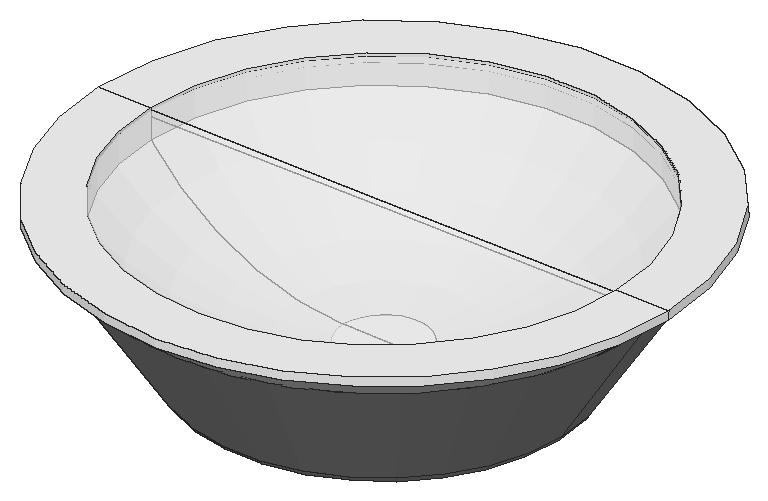
Revit family "0030353", category Lighting Fixtures, host Face, Revit 2016
Family settings
  Host = Face
  Part Type = Normal
  Round Connector Dimension = Use Diameter
  OmniClass Number = 23.80.70.00
  OmniClass Title = Lighting
  Cut with Voids When Loaded = No
  Light Source = Yes
  Shared = No
  Room Calculation Point = No
Parameters (values of type "0030353 Insaver Slim UGR19 IP44 DALI 200 2000lm 840")
  WidthBezel_SYL = if(Size1_SYL, 20 mm, if(Size2_SYL, 20 mm, if(Size3PIR_SYL, 30 mm, if(Size4_SYL, 20 mm, 20 mm))))  # 20 mm
  Weight = "8.64 kg"
  Wattage Comments = ""
  Wattage = 20 W
  WarrantyStartDate [instance] = "n/a"
  WarrantyGuarantorParts = "n/a"
  WarrantyDurationUnit = "n/a"
  WarrantyDurationParts = "n/a"
  WarrantyDescription = "n/a"
  built-in parameter 1150110 = 1 (stored number, unit not read)
  Voltage = 230 V
  VisibilityPIR_SYL = Size3PIR_SYL  # no
  URL = "http://www.sylvania-lighting.com"
  TypeName = "Insaver Slim UGR19 IP44 DALI 200 2000lm 840"
  Type Image = <None>
  Type Comments = "n/a"
  built-in parameter 1114217 = 1 (stored number, unit not read)
  Tilt Angle = -90.00°
  built-in parameter 1150109 = 1 (stored number, unit not read)
  built-in parameter 1150134 = 12
  built-in parameter 1150113 = 1 (stored number, unit not read)
  Size4_SYL = yes
  Size3PIR_SYL = no
  Size2_SYL = no
  Size1_SYL = no
  SerialNumber [instance] = "n/a"
  RadiusTop_SYL = 6 mm
  RadiusReflector_SYL = if(Size1_SYL, 85 mm, if(Size2_SYL, 85 mm, if(Size3PIR_SYL, 85 mm, if(Size4_SYL, 100 mm, 120 mm))))  # 100 mm
  Photometric Web File = "0030353.ies"
  Material_3_FEILO = Top-Sylvania-STARTDownlight
  PowerFactor = 0.9
  PowerConsumption = "20 W"
  NominalLength = 220 mm
  NominalHeight = 60 mm
  NominalDepth = 220 mm
  Name = "Insaver Slim UGR19 IP44 DALI 200 2000lm 840"
  ModelReference = Name  # "Insaver Slim UGR19 IP44 DALI 200 2000lm 840"
  ModelNumber = "0030353"
  Model = Name  # "Insaver Slim UGR19 IP44 DALI 200 2000lm 840"
  Material = "aluminium housing, na diffuser"
  ManufacturerName = "Feilo Sylvania"
  Manufacturer = "Feilo Sylvania"
  LuminousEfficacy = "124.7 lm/W"
  built-in parameter 1150105 = 198.47 (stored number, unit not read)
  Lumens = 2494 lm
  LuminaireType = ""
  built-in parameter 1150115 = 1 (stored number, unit not read)
  LightOutputRatio = "n/a"
  built-in parameter 1150137 = (empty or 0)
  built-in parameter 1150139 = (empty or 0)
  LampsType = Lamp  # "LED"
  LampNominalLuminous = "lm"
  LampMacAdamStep = "5"
  LampColourTemperature = "4000 K"
  LampColourRenderingIndex = "80"
  built-in parameter 1150112 = 1 (stored number, unit not read)
  built-in parameter 1150114 = 1 (stored number, unit not read)
  Lamp = "LED"
  Keynote = "16500"
  InstallationDate [instance] = "n/a"
  InputVoltage = "AC 220-240 V"
  InputNominalFrequency = "50/60 Hz"
  built-in parameter 1150132 = (empty or 0)
  built-in parameter 1150102 = (empty or 0)
  built-in parameter 1150107 = 4000 (stored number, unit not read)
  built-in parameter 1150138 = (empty or 0)
  IngressProtection = "IP40/20"
  ImpactProtectionIndex = "IK07"
  built-in parameter 1150106 = 1.9847 (stored number, unit not read)
  IfcExportType = "IfcLightFixtureType"
  IfcExportAs = "IfcLightFixtureType"
  Height_SYL = if(Size1_SYL, 61 mm, if(Size2_SYL, 61 mm, if(Size3PIR_SYL, 61 mm, if(Size4_SYL, 61 mm, 60 mm))))  # 61 mm
  HeightBezel_SYL = if(Size1_SYL, 3 mm, if(Size2_SYL, 3 mm, if(Size3PIR_SYL, 3 mm, if(Size4_SYL, 3.2 mm, 3 mm))))  # 3.2 mm
  ExpectedLife = 50000
  Emit from Circle Diameter = Diameter_SYL - 40 mm  # 180 mm
  Emit Shape Visible in Rendering = no
  ElectricShockClassification = "Class II"
  built-in parameter 1150104 = 11.585 (stored number, unit not read)
  DurationUnit = "hours"
  DocumentationLiterature = "http://www.sylvania-lighting.com/product/en-int/products/0030353"
  DimmingControlOptions = "DALI dimmable"
  Material_2_FEILO = Diffuser-Sylvania-STARTDownlight
  Dimming Lamp Color Temperature Shift = <None>
  Diameter_SYL = if(Size1_SYL, 165 mm, if(Size2_SYL, 190 mm, if(Size3PIR_SYL, 211 mm, if(Size4_SYL, 220 mm, 240 mm))))  # 220 mm
  DiameterTop_SYL = if(Size1_SYL, 98 mm, if(Size2_SYL, 122 mm, if(Size3PIR_SYL, 120 mm, if(Size4_SYL, 135 mm, 158 mm))))  # 135 mm
  DiameterTopBase_SYL = DiameterRecess_SYL  # 200 mm
  DiameterRecess_SYL = if(Size1_SYL, 150 mm, if(Size2_SYL, 170 mm, if(Size3PIR_SYL, 186 mm, if(Size4_SYL, 200 mm, 225 mm))))  # 200 mm
  Description = ""
  Default Elevation = 1219.2 mm
  CreatedOn = "5/28/2019"
  CreatedBy = "@sylvania-lighting.com"
  Cost = 0
  Color Filter = 16777215
  built-in parameter 1114216 [instance] = (empty or 0)
  ClassificationValue = "EF_70_80"
  ClassificationName = "Uniclass2015"
  Material_1_FEILO = Trim-Sylvania-STARTDownlight-White
  BarCode [instance] = "n/a"
  built-in parameter 1114218 = 1 (stored number, unit not read)
  built-in parameter 1150133 = 10 (stored number, unit not read)
  AssetType = "Fixed"
  AssetIdentifier [instance] = "n/a"
  Assembly Code = "D5020200"
  Apparent Load = 20 VA
  Material_4_FEILO = LED-Sylvania-STARTDownlight
Types (2, lengths in mm): name | Wattage | Photometric Web File | PowerConsumption | LuminousEfficacy | built-in parameter 1150105 | Lumens | LampNominalLuminous | built-in parameter 1150106 | built-in parameter 1150104 | Apparent Load
  0030353 Insaver Slim UGR19 IP44 DALI 200 2000lm 840 | 20 W | "0030353.ies" | "20 W" | "124.7 lm/W" | 198.47 (stored number, unit not read) | 2494 lm | "lm" | 1.9847 (stored number, unit not read) | 11.585 (stored number, unit not read) | 20 VA
  0030353 Insaver Slim UGR19 IP44 DALI 200 2000lm 840 Emergency mode | 23 W | "0030353EM.ies" | "23 W" | "18.88 lm/W" | 279.47 (stored number, unit not read) | 434.24 lm | "433 lm" | 2.7947 (stored number, unit not read) | 1.754 (stored number, unit not read) | 23 VA
Reference planes
  plane 1 "Center (Front/Back)": y = 0
  plane 2: z = 0
  plane 3 "Center (Left/Right)": x = 0
  plane 4: x = 110
  plane 5: x = -110
  plane 6: z = 3.2
  plane 7: z = -8
  plane 8: z = -57.8
  plane 9: x = -100
  plane 10: x = 100
  plane 11: x = -67.5
  plane 12: x = 67.5
  plane 13: z = -85
  plane 14: x = -90
  plane 15: z = 2.2
  plane 16: z = -45.8
  plane 17: x = -16
  plane 18: x = -95
  plane 19: x = -81.5
  plane 20: x = -99.5
  plane 21: x = -104
  plane 22: z = 5.7
  plane 23: z = 8.9
  plane 24: x = -103
  plane 25: z = 13.9
Forms (mm)
  Revolve 1, void
    sketch origin (0, 0, 0) x (1, 0, 0) y (0, 0, 1)
      loop
        line (0, 0) -> (-100, 0) -> (-100, -85) -> (0, -85) -> (0, 0)
      axis (0, 0) -> (0, -85)
    angle from 360 to 0
  Revolve 2, solid, material "Trim-Sylvania-STARTDownlight-White" <- "Material_1_FEILO"
    sketch origin (0, 0, 0) x (1, 0, 0) y (0, 0, 1)
      loop
        line (-90, 3.2) -> (-110, 3.2) -> (-110, 0) -> (-100, 0) -> (-100, -8) -> (-69.181, -54.568)
        arc (-69.181, -54.568) -> (-66.971, -56.929) -> (-63.857, -57.8) r 6
        line (-63.857, -57.8) -> (0, -57.8) -> (0, -45.8) -> (-16, -45.8)
        arc (-16, -45.8) -> (-57.112, -34.95) -> (-90, -8) r 100
        line (-90, -8) -> (-90, 3.2)
      axis (0, 3.2) -> (0, -57.8)
    angle from 360 to 0
  Revolve 3, solid, material "Diffuser-Sylvania-STARTDownlight" <- "Material_2_FEILO"
    sketch origin (0, 0, 0) x (1, 0, 0) y (0, 0, 1)
      loop
        line (-90, 0) -> (0, 0) -> (0, 2.2) -> (-90, 2.2) -> (-90, 0)
      axis (0, 2.2) -> (0, 0)
    angle from 360 to 0
  Revolve 4, solid, material "Trim-Sylvania-STARTDownlight-White" <- "Material_1_FEILO", visible <- "VisibilityPIR_SYL"
    sketch origin (0, 0, 0) x (1, 0, 0) y (0, 0, 1)
      loop
        line (-95, 3.2) -> (-95, 13.9)
        arc (-95, 13.9) -> (-99.717, 12.547) -> (-103, 8.9) r 8.9
        line (-103, 8.9) -> (-103, 5.7) -> (-104, 5.7) -> (-104, 3.2) -> (-95, 3.2)
      axis (-95, 13.9) -> (-95, 3.2)
    angle from 360 to 0
Dimensions and locks
  equal spacing: plane 4, plane 3 "Center (Left/Right)", plane 5
  "Diameter_SYL": plane 4 to plane 5
  equal spacing: plane 10, plane 3 "Center (Left/Right)", plane 9
  equal spacing: plane 12, plane 3 "Center (Left/Right)", plane 11
  "DiameterTop_SYL": plane 12 to plane 11
  "HeightBezel_SYL": plane 6 to plane 2
  "Height_SYL": plane 6 to plane 8
  locked: plane 2 to plane 7 at 8
  locked: plane 2 to plane 13 at 85
  "WidthBezel_SYL": plane 14 to plane 5
  locked: plane 6 to plane 15 at 1
  "DiameterRecess_SYL": plane 10 to plane 9
  locked: plane 3 "Center (Left/Right)" to plane 17 at 16
  locked: plane 16 to plane 8 at 12
  locked: plane 18 to plane 21 at 9
  locked: plane 22 to plane 6 at 2.5
  locked: plane 23 to plane 22 at 3.2
  locked: plane 18 to plane 24 at 8
  locked: plane 25 to plane 23 at 5
  locked: plane 25 to Revolve 4 sketch curve at 8.9
  locked: plane 18 to plane 5 at 15
  "RadiusReflector_SYL": radius of Revolve 2 sketch curve
  "RadiusTop_SYL": radius of Revolve 2 sketch curve
  aligned and locked: plane 2 to host face
  aligned and locked: level to host face
  aligned and locked: Revolve 1 sketch curve to plane 3 "Center (Left/Right)"
  aligned and locked: plane 3 "Center (Left/Right)" to Revolve 1 sketch curve
  aligned and locked: Revolve 1 sketch curve to plane 9
  aligned and locked: plane 13 to Revolve 1 sketch curve
  aligned and locked: plane 3 "Center (Left/Right)" to imposter light
  aligned and locked: imposter light to plane 15
  aligned and locked: imposter light to plane 1 "Center (Front/Back)"
  aligned and locked: Revolve 2 sketch curve to plane 3 "Center (Left/Right)"
  aligned and locked: Revolve 2 sketch curve to plane 6
  aligned and locked: Revolve 2 sketch curve to plane 5
  aligned and locked: Revolve 2 sketch curve to level
  aligned and locked: plane 7 to Revolve 2 sketch curve  (x2)
  aligned and locked: Revolve 2 sketch curve to plane 9
  aligned and locked: plane 8 to Revolve 2 sketch curve
  aligned and locked: Revolve 2 sketch curve to plane 14
  aligned and locked: plane 3 "Center (Left/Right)" to Revolve 2 sketch curve
  aligned and locked: Revolve 2 sketch curve to plane 16
  aligned and locked: Revolve 3 sketch curve to plane 3 "Center (Left/Right)"
  aligned and locked: Revolve 3 sketch curve to level
  aligned and locked: imposter light to Revolve 3 sketch curve  (x2)
  aligned and locked: Revolve 4 sketch curve to plane 18  (x2)
  aligned and locked: Revolve 4 sketch curve to plane 6
  aligned and locked: plane 22 to Revolve 4 sketch curve
  aligned and locked: plane 24 to Revolve 4 sketch curve
  aligned and locked: Revolve 4 sketch curve to Revolve 4 sketch curve
  aligned and locked: plane 21 to Revolve 4 sketch curve
Automatic sketch dimensions
  host sketch curve to host sketch curve = 2438.4 mm  (x2)
  plane 13 to Revolve 1 sketch curve = 524.6 mm
  Revolve 1 sketch curve to plane 6 = 2606.058 mm
  Revolve 1 sketch curve to level = 0 mm
  Revolve 2 sketch curve to plane 17 = 0 mm
  Revolve 2 sketch curve to plane 11 = 1.681 mm
  plane 11 to Revolve 2 sketch curve = 3.643 mm
  plane 13 to Revolve 2 sketch curve = 524.6 mm
  Revolve 2 sketch curve to Revolve 2 sketch curve = 2577.983 mm
  Revolve 3 sketch curve to plane 14 = 0 mm
  plane 13 to Revolve 3 sketch curve = 524.6 mm
  Revolve 3 sketch curve to plane 6 = 2606.058 mm
  Revolve 4 sketch curve to plane 23 = 0 mm
  plane 13 to Revolve 4 sketch curve = 524.6 mm
  Revolve 4 sketch curve to Revolve 4 sketch curve = 2595.358 mm
Connectors
  electrical at (0, 0, 0), driven by "Apparent Load", driven by "PowerFactor", driven by "Voltage"
    settings: index 1, voltage 230 V, apparent load 20 VA, apparent load phase1 0 VA, apparent load phase2 0 VA, apparent load phase3 0 VA, power factor 0.9, load classification "Lighting", number of poles 1, system type 30, power factor state 1, is connector primary yes, connector utility no, sub classification motor no, connector description ""
